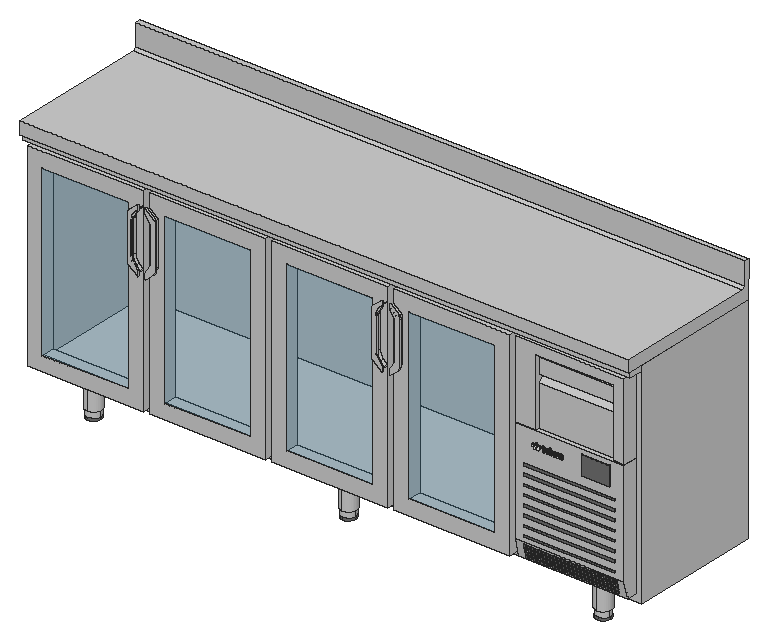
Revit family "QF_INFRICO_FMPP2500CR_250812010115", category Specialty Equipment, Revit 2021
Family settings
  Round Connector Dimension = Use Diameter
  Part Type = Normal
  OmniClass Number = 23.40.40.14
  OmniClass Title = Food Service Equipment
  Work Plane-Based = No
  Always vertical = Yes
  Cut with Voids When Loaded = No
  Shared = No
  Room Calculation Point = No
Parameters (values of type "FMPP2500CR-R290")
  Weight [instance] = 220.999 kg
  Waste Water Discharge Temperature [instance] = 0 °C
  Waste Remarks [instance] = ""
  Warranty Start Date [instance] = ""
  Warranty Duration [instance] = ""
  Volts [instance] = 230 V
  Volt Free Conn [instance] = no
  URL Recommended Spares List [instance] = ""
  URL Manufacturer [instance] = ""
  URL Cutsheet [instance] = ""
  URL Critical Spares List [instance] = ""
  URL = "www.infrico.com"
  Technical Documentation [instance] = ""
  Tag Number [instance] = ""
  Status [instance] = ""
  Start Up Current [instance] = 0 A
  Specification by User [instance] = ""
  Specification by Manufacturer [instance] = ""
  Sound Level [instance] = ""
  Show Logo [instance] = yes
  Show Clearances [instance] = yes
  Service Life Duration [instance] = ""
  Serial Number [instance] = ""
  Seismic Rating [instance] = ""
  SMACNA No [instance] = ""
  Revision Code [instance] = ""
  Revision [instance] = ""
  Production Year [instance] = ""
  Potential Equalisation [instance] = no
  Point Load [instance] = 0
  Plumbing Connection Type [instance] = ""
  Phase [instance] = 1
  Other Equipment Approvals [instance] = ""
  Operational Current [instance] = 0 A
  Number of Poles [instance] = 2
  No Load Power Draw [instance] = no
  NAFEM Spec ID Number [instance] = ""
  Model Warning [instance] = ""
  Model = "FMPP2500CR"
  Min Ckt Ampacity [instance] = 0 A
  Max Overcurrent Protection [instance] = 0 A
  Masterspec [instance] = ""
  Manufacturer = "INFRICO"
  Main switch integrated [instance] = no
  Length Actual [instance] = 2452.116 mm
  Item Number [instance] = ""
  Installed By [instance] = ""
  Installation Date [instance] = ""
  Indirect Waste Size [instance] = 19.05 mm
  Indirect Waste Remarks [instance] = ""
  Indirect Waste Flow [instance] = 0.0 L/s
  Indirect Waste Connection Type [instance] = ""
  Indirect Waste Connection Height [instance] = 0 mm
  Identify Quantity as Lot [instance] = no
  ID [instance] = ""
  Hygiene Approval [instance] = ""
  Height Actual [instance] = 1050.036 mm
  HP power [instance] = ""
  Furnished By [instance] = ""
  Foodservice Equipment Identifier [instance] = no
  FL Amps [instance] = 0 A
  Electrical Remarks [instance] = ""
  Electric power [instance] = 450 W
  Electric Connection Type [instance] = ""
  Elec Conn RI Height [instance] = 0 mm
  Elec Conn Connection Height [instance] = 0 mm
  ETL Approved [instance] = no
  Direct Waste Water Discharge Temperature [instance] = -273.15 °C
  Direct Waste Size [instance] = 19.05 mm
  Direct Waste RI Height [instance] = 0 mm
  Direct Waste Flow [instance] = 0.0 L/s
  Direct Waste Connection Height [instance] = 0 mm
  Description = "BACK BAR COUNTER REFRIGERATOR - R290"
  Depth Actual [instance] = 599.948 mm
  Default Elevation = 0 mm
  Cycle [instance] = 50 Hz
  Cost = 0
  Connection to energy optimisation system [instance] = yes
  Conn Plug [instance] = ""
  Conn Conduit [instance] = no
  Centralized building control system with digital interface [instance] = ""
  CSI MasterFormat [instance] = ""
  CE Approved [instance] = no
  Barcode [instance] = 0
  Author [instance] = ""
  Asset Identifier [instance] = ""
  Apparent Power [instance] = 450 VA
  Accessory [instance] = no
Reference planes
  plane 1 "Center (Front/Back)": y = 0
  plane 2: z = 0
  plane 3 "Center (Left/Right)": x = 0
Forms (mm)
  Extrusion 1, solid, not visible
    sketch origin (1034.05, -113.006, 142.007) x (1, 0, 0) y (0, 1, 0)
      loop
        line (-2, 2) -> (-2, -2) -> (2, -2) -> (2, 2) -> (-2, 2)
    from -2 to 2
  Extrusion 2, solid, not visible
    sketch origin (2391.117, -61.003, 142.007) x (1, 0, 0) y (0, 1, 0)
      loop
        line (-2, 2) -> (-2, -2) -> (2, -2) -> (2, 2) -> (-2, 2)
    from -2 to 2
Dimensions and locks
  locked: nested 2 to Extrusion 1 at 2  (x2)
  locked: nested 3 to Extrusion 2 at 2  (x2)
  aligned and locked: level to plane 2
Nested families
  nested 1: "QF_INFRICO_FMPP2500CR_2920" at (0, 0, 140), type "FMPP2500CR-R290"
    with Weight 220.999 kg, Warranty Start Date "", Warranty Duration "", URL Cutsheet "", Technical Documentation "", Tag Number "", Status "", Specification by User "", Specification by Manufacturer "", Sound Level "", Solid Fuel Type "", Show Logo yes, Show Clearances yes, Show Clearance yes, Service Life Duration "", Serial Number "", Seismic Rating "", SMACNA No "", Revision Code "", Revision "", Production Year "", Point Load 0, Other Equipment Approvals "", NAFEM Spec ID Number "", Model Warning "", Masterspec "", Length Actual 2452.116 mm, Item Number "", Installed By "", Installation Date "", Identify Quantity as Lot yes, ID "", Hygiene Approval "", Height Actual 1050.036 mm, Furnished By "", Foodservice Equipment Identifier yes, ETL Approved yes, Depth Actual 599.948 mm, CSI MasterFormat "", CE Approved no, Barcode "", Author "", Asset Identifier "", Accessory no
  nested 2: "CONN_POINT_DRAIN_2D___Generic_Annotation" at (1034.05, -113.006, 140.007), type "CONN_POINT_DRAIN_2D___Generic_Annotation"
    with Onboard connection annotation symbol visibility yes
  nested 3: "CONN_POINT_ELE_2D___Generic_Annotation" at (2391.117, -61.003, 140.007), type "CONN_POINT_ELE_2D___Generic_Annotation"
    with Onboard connection annotation symbol visibility yes
  nested 4: "QF_INFRICO_FMPPCR_DOOR_SX_4887" at (22, -538, 168), type "FMPPCR_DOOR_SX"
    with Weight 0.00 kg, Warranty Start Date "", Warranty Duration "", URL Cutsheet "", Technical Documentation "", Tag Number "", Status "", Specification by User "", Specification by Manufacturer "", Sound Level "", Solid Fuel Type "", Show Logo yes, Show Clearances yes, Show Clearance yes, Service Life Duration "", Serial Number "", Seismic Rating "", SMACNA No "", Revision Code "", Revision "", Production Year "", Point Load 0, Other Equipment Approvals "", NAFEM Spec ID Number "", Model Warning "", Masterspec "", Length Actual 467.106 mm, Item Number "", Installed By "", Installation Date "", Identify Quantity as Lot yes, ID "", Hygiene Approval "", Height Actual 596.9 mm, Furnished By "", Foodservice Equipment Identifier yes, ETL Approved yes, Depth Actual 54.102 mm, CSI MasterFormat "", CE Approved no, Barcode "", Author "", Asset Identifier "", Accessory yes
  nested 5: "QF_INFRICO_FMPPCR_DOOR_DX_5699" at (1498, -538, 168), type "FMPPCR_DOOR_DX"
    with Weight 0.00 kg, Warranty Start Date "", Warranty Duration "", URL Cutsheet "", Technical Documentation "", Tag Number "", Status "", Specification by User "", Specification by Manufacturer "", Sound Level "", Solid Fuel Type "", Show Logo yes, Show Clearances yes, Show Clearance yes, Service Life Duration "", Serial Number "", Seismic Rating "", SMACNA No "", Revision Code "", Revision "", Production Year "", Point Load 0, Other Equipment Approvals "", NAFEM Spec ID Number "", Model Warning "", Masterspec "", Length Actual 467.106 mm, Item Number "", Installed By "", Installation Date "", Identify Quantity as Lot yes, ID "", Hygiene Approval "", Height Actual 596.9 mm, Furnished By "", Foodservice Equipment Identifier yes, ETL Approved yes, Depth Actual 54.102 mm, CSI MasterFormat "", CE Approved no, Barcode "", Author "", Asset Identifier "", Accessory yes
  nested 6: "QF_INFRICO_FMPPCR_DOOR_DX_6507" at (514, -538, 168), type "FMPPCR_DOOR_DX"
    with Weight 0.00 kg, Warranty Start Date "", Warranty Duration "", URL Cutsheet "", Technical Documentation "", Tag Number "", Status "", Specification by User "", Specification by Manufacturer "", Sound Level "", Solid Fuel Type "", Show Logo yes, Show Clearances yes, Show Clearance yes, Service Life Duration "", Serial Number "", Seismic Rating "", SMACNA No "", Revision Code "", Revision "", Production Year "", Point Load 0, Other Equipment Approvals "", NAFEM Spec ID Number "", Model Warning "", Masterspec "", Length Actual 467.106 mm, Item Number "", Installed By "", Installation Date "", Identify Quantity as Lot yes, ID "", Hygiene Approval "", Height Actual 596.9 mm, Furnished By "", Foodservice Equipment Identifier yes, ETL Approved yes, Depth Actual 54.102 mm, CSI MasterFormat "", CE Approved no, Barcode "", Author "", Asset Identifier "", Accessory yes
  nested 7: "QF_INFRICO_FMPPCR_DOOR_SX_7315" at (1006, -538, 168), type "FMPPCR_DOOR_SX"
    with Weight 0.00 kg, Warranty Start Date "", Warranty Duration "", URL Cutsheet "", Technical Documentation "", Tag Number "", Status "", Specification by User "", Specification by Manufacturer "", Sound Level "", Solid Fuel Type "", Show Logo yes, Show Clearances yes, Show Clearance yes, Service Life Duration "", Serial Number "", Seismic Rating "", SMACNA No "", Revision Code "", Revision "", Production Year "", Point Load 0, Other Equipment Approvals "", NAFEM Spec ID Number "", Model Warning "", Masterspec "", Length Actual 467.106 mm, Item Number "", Installed By "", Installation Date "", Identify Quantity as Lot yes, ID "", Hygiene Approval "", Height Actual 596.9 mm, Furnished By "", Foodservice Equipment Identifier yes, ETL Approved yes, Depth Actual 54.102 mm, CSI MasterFormat "", CE Approved no, Barcode "", Author "", Asset Identifier "", Accessory yes
  nested 8: "QF_INFRICO_WORKTOP_BACKSPLASH_8123" at (0, 0, 1000), type "ENC12CPBM25"
    with Weight 0.00 kg, Warranty Start Date "", Warranty Duration "", URL Cutsheet "", Technical Documentation "", Tag Number "", Status "", Specification by User "", Specification by Manufacturer "", Sound Level "", Solid Fuel Type "", Show Logo yes, Show Clearances yes, Show Clearance yes, Service Life Duration "", Serial Number "", Seismic Rating "", SMACNA No "", Revision Code "", Revision "", Production Year "", Point Load 0, Other Equipment Approvals "", NAFEM Spec ID Number "", Model Warning "", Masterspec "", Length Actual 2452.116 mm, Item Number "", Installed By "", Installation Date "", Identify Quantity as Lot yes, ID "", Hygiene Approval "", Height Actual 150.114 mm, Furnished By "", Foodservice Equipment Identifier yes, ETL Approved yes, Depth Actual 599.948 mm, CSI MasterFormat "", CE Approved no, Barcode "", Author "", Asset Identifier "", Accessory yes
  nested 9: "QF_INFRICO_LEGS_8959" at (0, 0, 0), type "LEGS_2450_600"
    with Weight 0.00 kg, Warranty Start Date "", Warranty Duration "", URL Cutsheet "", Technical Documentation "", Tag Number "", Status "", Specification by User "", Specification by Manufacturer "", Sound Level "", Solid Fuel Type "", Show Logo yes, Show Clearances yes, Show Clearance yes, Service Life Duration "", Serial Number "", Seismic Rating "", SMACNA No "", Revision Code "", Revision "", Production Year "", Point Load 0, Other Equipment Approvals "", NAFEM Spec ID Number "", Model Warning "", Masterspec "", Length Actual 2452.116 mm, Item Number "", Installed By "", Installation Date "", Identify Quantity as Lot yes, ID "", Hygiene Approval "", Height Actual 139.954 mm, Furnished By "", Foodservice Equipment Identifier yes, ETL Approved yes, Depth Actual 599.948 mm, CSI MasterFormat "", CE Approved no, Barcode "", Author "", Asset Identifier "", Accessory yes
Connectors
  piping at (1034.05, -113.006, 140.007), diameter 19.05, driven by "Indirect Waste Size", driven by "Direct Waste Flow"
    settings: on Extrusion 1, index 1, connector inside diameter 609.6 mm, connector length 0 mm, flow factor 0, pipe flow 0.0 L/s, pressure drop 0.0 Pa, fitting loss kfactor 0, connector angle 0.00°, fixture units 0, engagement length 0 mm, angle of deflection 0.00°, flow configuration 1, flow direction 2, fitting loss method 0, system type 16, joint type 0, gender type 0, connector reference index -1, connector utility 0, adjustable connector no, is connector primary yes, connector description "Waste connection for FMPP2500CR"
  electrical at (2391.117, -61.003, 140.007), driven by "Apparent Power", driven by "Number of Poles", driven by "Volts"
    settings: on Extrusion 2, index 2, voltage 230 V, apparent load 0 VA, apparent load phase1 450 VA, apparent load phase2 0 VA, apparent load phase3 0 VA, power factor 1, load classification "Other", number of poles 2, system type 31, power factor state 1, is connector primary yes, connector utility no, sub classification motor no, connector description "Electrical connection for FMPP2500CR"
Definition of nested family "QF_INFRICO_FMPP2500CR_2920"
  Parameters (values of type "FMPP2500CR-R290")
    Weight [instance] = 0.00 kg
    Warranty Start Date [instance] = ""
    Warranty Duration [instance] = ""
    URL Cutsheet [instance] = ""
    URL = "www.infrico.com"
    Technical Documentation [instance] = ""
    Tag Number [instance] = ""
    Status [instance] = ""
    Specification by User [instance] = ""
    Specification by Manufacturer [instance] = ""
    Sound Level [instance] = ""
    Solid Fuel Type [instance] = ""
    Show Logo [instance] = yes
    Show Clearances [instance] = yes
    Show Clearance [instance] = yes
    Service Life Duration [instance] = ""
    Serial Number [instance] = ""
    Seismic Rating [instance] = ""
    SMACNA No [instance] = ""
    Revision Code [instance] = ""
    Revision [instance] = ""
    Production Year [instance] = ""
    Point Load [instance] = 0
    Other Equipment Approvals [instance] = ""
    NAFEM Spec ID Number [instance] = ""
    Model Warning [instance] = ""
    Model = "FMPP2500CR"
    Masterspec [instance] = ""
    Manufacturer = "INFRICO"
    Length Actual [instance] = 0 mm
    Item Number [instance] = ""
    Installed By [instance] = ""
    Installation Date [instance] = ""
    Identify Quantity as Lot [instance] = yes
    ID [instance] = ""
    Hygiene Approval [instance] = ""
    Height Actual [instance] = 0 mm
    Furnished By [instance] = ""
    Foodservice Equipment Identifier [instance] = yes
    ETL Approved [instance] = yes
    Description = "BACK BAR COUNTER REFRIGERATOR - R290"
    Depth Actual [instance] = 0 mm
    Default Elevation = 0 mm
    CSI MasterFormat [instance] = ""
    CE Approved [instance] = yes
    Barcode [instance] = ""
    Author [instance] = ""
    Asset Identifier [instance] = ""
    Assembly Code = "E1090320"
    Accessory [instance] = yes
  Types (2, lengths in mm): name | Description
    FMPP2500CR | "BACK BAR COUNTER REFRIGERATOR - R134A"
    FMPP2500CR-R290 | "BACK BAR COUNTER REFRIGERATOR - R290"
  Reference planes
    plane 1 "Back": y = 0
    plane 2: z = 0
    plane 3 "Left": x = 0
    plane 4 "Right": x = 2452
    plane 5 "Front": y = -600
    plane 6 "Top": z = 860
  Forms (mm)
    Extrusion 1, solid
      sketch origin (984, 100, -140) x (0, 1, 0) y (0, 0, 1)
        loop
          line (-638.02, 654.885) -> (-695.03, 654.885) -> (-695.03, 238.436) -> (-678.769, 168) -> (-638.02, 168) -> (-638.02, 654.885)
      from 1005.93 to 1443.93
    Extrusion 2, solid
      sketch origin (-1016, -593.13, -140) x (1, 0, 0) y (0, 0, 1)
        loop
          line (3408.016, 523.949) -> (3040.73, 523.949) -> (3040.73, 514.949) -> (3408.016, 514.949) -> (3408.016, 523.949)
        loop
          line (3408.016, 486.949) -> (3040.73, 486.949) -> (3040.73, 477.949) -> (3408.016, 477.949) -> (3408.016, 486.949)
        loop
          line (3408.016, 449.949) -> (3040.73, 449.949) -> (3040.73, 440.949) -> (3408.016, 440.949) -> (3408.016, 449.949)
        loop
          line (3408.016, 412.949) -> (3040.73, 412.949) -> (3040.73, 403.949) -> (3408.016, 403.949) -> (3408.016, 412.949)
        loop
          line (3408.016, 375.949) -> (3040.73, 375.949) -> (3040.73, 366.949) -> (3408.016, 366.949) -> (3408.016, 375.949)
        loop
          line (3408.016, 338.949) -> (3040.73, 338.949) -> (3040.73, 329.949) -> (3408.016, 329.949) -> (3408.016, 338.949)
        loop
          line (3408.016, 301.949) -> (3040.73, 301.949) -> (3040.73, 292.949) -> (3408.016, 292.949) -> (3408.016, 301.949)
        loop
          line (3408.016, 264.949) -> (3040.73, 264.949) -> (3040.73, 255.949) -> (3408.016, 255.949) -> (3408.016, 264.949)
      from 0 to 2
    Extrusion 3, solid
      sketch origin (-1015.3, -539.263, -135.602) x (1, 0, 0) y (0, -0.224951, 0.97437)
        loop
          line (3036.73, 215.974) -> (3036.73, 205.974) -> (3046.73, 205.974) -> (3046.73, 215.974) -> (3036.73, 215.974)
        loop
          line (3036.73, 230.769) -> (3036.73, 220.769) -> (3046.73, 220.769) -> (3046.73, 230.769) -> (3036.73, 230.769)
        loop
          line (3036.73, 186.385) -> (3036.73, 176.385) -> (3046.73, 176.385) -> (3046.73, 186.385) -> (3036.73, 186.385)
        loop
          line (3036.73, 201.179) -> (3036.73, 191.179) -> (3046.73, 191.179) -> (3046.73, 201.179) -> (3036.73, 201.179)
        loop
          line (3051.938, 215.974) -> (3051.938, 205.974) -> (3061.938, 205.974) -> (3061.938, 215.974) -> (3051.938, 215.974)
        loop
          line (3051.938, 230.769) -> (3051.938, 220.769) -> (3061.938, 220.769) -> (3061.938, 230.769) -> (3051.938, 230.769)
        loop
          line (3051.938, 186.385) -> (3051.938, 176.385) -> (3061.938, 176.385) -> (3061.938, 186.385) -> (3051.938, 186.385)
        loop
          line (3051.938, 201.179) -> (3051.938, 191.179) -> (3061.938, 191.179) -> (3061.938, 201.179) -> (3051.938, 201.179)
        loop
          line (3067.147, 215.974) -> (3067.147, 205.974) -> (3077.147, 205.974) -> (3077.147, 215.974) -> (3067.147, 215.974)
        loop
          line (3067.147, 230.769) -> (3067.147, 220.769) -> (3077.147, 220.769) -> (3077.147, 230.769) -> (3067.147, 230.769)
        loop
          line (3067.147, 186.385) -> (3067.147, 176.385) -> (3077.147, 176.385) -> (3077.147, 186.385) -> (3067.147, 186.385)
        loop
          line (3067.147, 201.179) -> (3067.147, 191.179) -> (3077.147, 191.179) -> (3077.147, 201.179) -> (3067.147, 201.179)
        loop
          line (3082.355, 215.974) -> (3082.355, 205.974) -> (3092.355, 205.974) -> (3092.355, 215.974) -> (3082.355, 215.974)
        loop
          line (3082.355, 230.769) -> (3082.355, 220.769) -> (3092.355, 220.769) -> (3092.355, 230.769) -> (3082.355, 230.769)
        loop
          line (3082.355, 186.385) -> (3082.355, 176.385) -> (3092.355, 176.385) -> (3092.355, 186.385) -> (3082.355, 186.385)
        loop
          line (3082.355, 201.179) -> (3082.355, 191.179) -> (3092.355, 191.179) -> (3092.355, 201.179) -> (3082.355, 201.179)
        loop
          line (3097.563, 215.974) -> (3097.563, 205.974) -> (3107.563, 205.974) -> (3107.563, 215.974) -> (3097.563, 215.974)
        loop
          line (3097.563, 230.769) -> (3097.563, 220.769) -> (3107.563, 220.769) -> (3107.563, 230.769) -> (3097.563, 230.769)
        loop
          line (3097.563, 186.385) -> (3097.563, 176.385) -> (3107.563, 176.385) -> (3107.563, 186.385) -> (3097.563, 186.385)
        loop
          line (3097.563, 201.179) -> (3097.563, 191.179) -> (3107.563, 191.179) -> (3107.563, 201.179) -> (3097.563, 201.179)
        loop
          line (3112.772, 215.974) -> (3112.772, 205.974) -> (3122.772, 205.974) -> (3122.772, 215.974) -> (3112.772, 215.974)
        loop
          line (3112.772, 230.769) -> (3112.772, 220.769) -> (3122.772, 220.769) -> (3122.772, 230.769) -> (3112.772, 230.769)
        loop
          line (3112.772, 186.385) -> (3112.772, 176.385) -> (3122.772, 176.385) -> (3122.772, 186.385) -> (3112.772, 186.385)
        loop
          line (3112.772, 201.179) -> (3112.772, 191.179) -> (3122.772, 191.179) -> (3122.772, 201.179) -> (3112.772, 201.179)
        loop
          line (3127.98, 215.974) -> (3127.98, 205.974) -> (3137.98, 205.974) -> (3137.98, 215.974) -> (3127.98, 215.974)
        loop
          line (3127.98, 230.769) -> (3127.98, 220.769) -> (3137.98, 220.769) -> (3137.98, 230.769) -> (3127.98, 230.769)
        loop
          line (3127.98, 186.385) -> (3127.98, 176.385) -> (3137.98, 176.385) -> (3137.98, 186.385) -> (3127.98, 186.385)
        loop
          line (3127.98, 201.179) -> (3127.98, 191.179) -> (3137.98, 191.179) -> (3137.98, 201.179) -> (3127.98, 201.179)
        loop
          line (3143.188, 215.974) -> (3143.188, 205.974) -> (3153.188, 205.974) -> (3153.188, 215.974) -> (3143.188, 215.974)
        loop
          line (3143.188, 230.769) -> (3143.188, 220.769) -> (3153.188, 220.769) -> (3153.188, 230.769) -> (3143.188, 230.769)
        loop
          line (3143.188, 186.385) -> (3143.188, 176.385) -> (3153.188, 176.385) -> (3153.188, 186.385) -> (3143.188, 186.385)
        loop
          line (3143.188, 201.179) -> (3143.188, 191.179) -> (3153.188, 191.179) -> (3153.188, 201.179) -> (3143.188, 201.179)
        loop
          line (3158.397, 215.974) -> (3158.397, 205.974) -> (3168.397, 205.974) -> (3168.397, 215.974) -> (3158.397, 215.974)
        loop
          line (3158.397, 230.769) -> (3158.397, 220.769) -> (3168.397, 220.769) -> (3168.397, 230.769) -> (3158.397, 230.769)
        loop
          line (3158.397, 186.385) -> (3158.397, 176.385) -> (3168.397, 176.385) -> (3168.397, 186.385) -> (3158.397, 186.385)
        loop
          line (3158.397, 201.179) -> (3158.397, 191.179) -> (3168.397, 191.179) -> (3168.397, 201.179) -> (3158.397, 201.179)
        loop
          line (3173.605, 215.974) -> (3173.605, 205.974) -> (3183.605, 205.974) -> (3183.605, 215.974) -> (3173.605, 215.974)
        loop
          line (3173.605, 230.769) -> (3173.605, 220.769) -> (3183.605, 220.769) -> (3183.605, 230.769) -> (3173.605, 230.769)
        loop
          line (3173.605, 186.385) -> (3173.605, 176.385) -> (3183.605, 176.385) -> (3183.605, 186.385) -> (3173.605, 186.385)
        loop
          line (3173.605, 201.179) -> (3173.605, 191.179) -> (3183.605, 191.179) -> (3183.605, 201.179) -> (3173.605, 201.179)
        loop
          line (3188.813, 215.974) -> (3188.813, 205.974) -> (3198.813, 205.974) -> (3198.813, 215.974) -> (3188.813, 215.974)
        loop
          line (3188.813, 230.769) -> (3188.813, 220.769) -> (3198.813, 220.769) -> (3198.813, 230.769) -> (3188.813, 230.769)
        loop
          line (3188.813, 186.385) -> (3188.813, 176.385) -> (3198.813, 176.385) -> (3198.813, 186.385) -> (3188.813, 186.385)
        loop
          line (3188.813, 201.179) -> (3188.813, 191.179) -> (3198.813, 191.179) -> (3198.813, 201.179) -> (3188.813, 201.179)
        loop
          line (3204.022, 215.974) -> (3204.022, 205.974) -> (3214.022, 205.974) -> (3214.022, 215.974) -> (3204.022, 215.974)
        loop
          line (3204.022, 230.769) -> (3204.022, 220.769) -> (3214.022, 220.769) -> (3214.022, 230.769) -> (3204.022, 230.769)
        loop
          line (3204.022, 186.385) -> (3204.022, 176.385) -> (3214.022, 176.385) -> (3214.022, 186.385) -> (3204.022, 186.385)
        loop
          line (3204.022, 201.179) -> (3204.022, 191.179) -> (3214.022, 191.179) -> (3214.022, 201.179) -> (3204.022, 201.179)
        loop
          line (3219.23, 215.974) -> (3219.23, 205.974) -> (3229.23, 205.974) -> (3229.23, 215.974) -> (3219.23, 215.974)
        loop
          line (3219.23, 230.769) -> (3219.23, 220.769) -> (3229.23, 220.769) -> (3229.23, 230.769) -> (3219.23, 230.769)
        loop
          line (3219.23, 186.385) -> (3219.23, 176.385) -> (3229.23, 176.385) -> (3229.23, 186.385) -> (3219.23, 186.385)
        loop
          line (3219.23, 201.179) -> (3219.23, 191.179) -> (3229.23, 191.179) -> (3229.23, 201.179) -> (3219.23, 201.179)
        loop
          line (3234.438, 215.974) -> (3234.438, 205.974) -> (3244.438, 205.974) -> (3244.438, 215.974) -> (3234.438, 215.974)
        loop
          line (3234.438, 230.769) -> (3234.438, 220.769) -> (3244.438, 220.769) -> (3244.438, 230.769) -> (3234.438, 230.769)
        loop
          line (3234.438, 186.385) -> (3234.438, 176.385) -> (3244.438, 176.385) -> (3244.438, 186.385) -> (3234.438, 186.385)
        loop
          line (3234.438, 201.179) -> (3234.438, 191.179) -> (3244.438, 191.179) -> (3244.438, 201.179) -> (3234.438, 201.179)
        loop
          line (3249.647, 215.974) -> (3249.647, 205.974) -> (3259.647, 205.974) -> (3259.647, 215.974) -> (3249.647, 215.974)
        loop
          line (3249.647, 230.769) -> (3249.647, 220.769) -> (3259.647, 220.769) -> (3259.647, 230.769) -> (3249.647, 230.769)
        loop
          line (3249.647, 186.385) -> (3249.647, 176.385) -> (3259.647, 176.385) -> (3259.647, 186.385) -> (3249.647, 186.385)
        loop
          line (3249.647, 201.179) -> (3249.647, 191.179) -> (3259.647, 191.179) -> (3259.647, 201.179) -> (3249.647, 201.179)
        loop
          line (3264.855, 215.974) -> (3264.855, 205.974) -> (3274.855, 205.974) -> (3274.855, 215.974) -> (3264.855, 215.974)
        loop
          line (3264.855, 230.769) -> (3264.855, 220.769) -> (3274.855, 220.769) -> (3274.855, 230.769) -> (3264.855, 230.769)
        loop
          line (3264.855, 186.385) -> (3264.855, 176.385) -> (3274.855, 176.385) -> (3274.855, 186.385) -> (3264.855, 186.385)
        loop
          line (3264.855, 201.179) -> (3264.855, 191.179) -> (3274.855, 191.179) -> (3274.855, 201.179) -> (3264.855, 201.179)
        loop
          line (3280.063, 215.974) -> (3280.063, 205.974) -> (3290.063, 205.974) -> (3290.063, 215.974) -> (3280.063, 215.974)
        loop
          line (3280.063, 230.769) -> (3280.063, 220.769) -> (3290.063, 220.769) -> (3290.063, 230.769) -> (3280.063, 230.769)
        loop
          line (3280.063, 186.385) -> (3280.063, 176.385) -> (3290.063, 176.385) -> (3290.063, 186.385) -> (3280.063, 186.385)
        loop
          line (3280.063, 201.179) -> (3280.063, 191.179) -> (3290.063, 191.179) -> (3290.063, 201.179) -> (3280.063, 201.179)
        loop
          line (3295.272, 215.974) -> (3295.272, 205.974) -> (3305.272, 205.974) -> (3305.272, 215.974) -> (3295.272, 215.974)
        loop
          line (3295.272, 230.769) -> (3295.272, 220.769) -> (3305.272, 220.769) -> (3305.272, 230.769) -> (3295.272, 230.769)
        loop
          line (3295.272, 186.385) -> (3295.272, 176.385) -> (3305.272, 176.385) -> (3305.272, 186.385) -> (3295.272, 186.385)
        loop
          line (3295.272, 201.179) -> (3295.272, 191.179) -> (3305.272, 191.179) -> (3305.272, 201.179) -> (3295.272, 201.179)
        loop
          line (3310.48, 215.974) -> (3310.48, 205.974) -> (3320.48, 205.974) -> (3320.48, 215.974) -> (3310.48, 215.974)
        loop
          line (3310.48, 230.769) -> (3310.48, 220.769) -> (3320.48, 220.769) -> (3320.48, 230.769) -> (3310.48, 230.769)
        loop
          line (3310.48, 186.385) -> (3310.48, 176.385) -> (3320.48, 176.385) -> (3320.48, 186.385) -> (3310.48, 186.385)
        loop
          line (3310.48, 201.179) -> (3310.48, 191.179) -> (3320.48, 191.179) -> (3320.48, 201.179) -> (3310.48, 201.179)
        loop
          line (3325.688, 215.974) -> (3325.688, 205.974) -> (3335.688, 205.974) -> (3335.688, 215.974) -> (3325.688, 215.974)
        loop
          line (3325.688, 230.769) -> (3325.688, 220.769) -> (3335.688, 220.769) -> (3335.688, 230.769) -> (3325.688, 230.769)
        loop
          line (3325.688, 186.385) -> (3325.688, 176.385) -> (3335.688, 176.385) -> (3335.688, 186.385) -> (3325.688, 186.385)
        loop
          line (3325.688, 201.179) -> (3325.688, 191.179) -> (3335.688, 191.179) -> (3335.688, 201.179) -> (3325.688, 201.179)
        loop
          line (3340.897, 215.974) -> (3340.897, 205.974) -> (3350.897, 205.974) -> (3350.897, 215.974) -> (3340.897, 215.974)
        loop
          line (3340.897, 230.769) -> (3340.897, 220.769) -> (3350.897, 220.769) -> (3350.897, 230.769) -> (3340.897, 230.769)
        loop
          line (3340.897, 186.385) -> (3340.897, 176.385) -> (3350.897, 176.385) -> (3350.897, 186.385) -> (3340.897, 186.385)
        loop
          line (3340.897, 201.179) -> (3340.897, 191.179) -> (3350.897, 191.179) -> (3350.897, 201.179) -> (3340.897, 201.179)
        loop
          line (3356.105, 215.974) -> (3356.105, 205.974) -> (3366.105, 205.974) -> (3366.105, 215.974) -> (3356.105, 215.974)
        loop
          line (3356.105, 230.769) -> (3356.105, 220.769) -> (3366.105, 220.769) -> (3366.105, 230.769) -> (3356.105, 230.769)
        loop
          line (3356.105, 186.385) -> (3356.105, 176.385) -> (3366.105, 176.385) -> (3366.105, 186.385) -> (3356.105, 186.385)
        loop
          line (3356.105, 201.179) -> (3356.105, 191.179) -> (3366.105, 191.179) -> (3366.105, 201.179) -> (3356.105, 201.179)
        loop
          line (3371.313, 215.974) -> (3371.313, 205.974) -> (3381.313, 205.974) -> (3381.313, 215.974) -> (3371.313, 215.974)
        loop
          line (3371.313, 230.769) -> (3371.313, 220.769) -> (3381.313, 220.769) -> (3381.313, 230.769) -> (3371.313, 230.769)
        loop
          line (3371.313, 186.385) -> (3371.313, 176.385) -> (3381.313, 176.385) -> (3381.313, 186.385) -> (3371.313, 186.385)
        loop
          line (3371.313, 201.179) -> (3371.313, 191.179) -> (3381.313, 191.179) -> (3381.313, 201.179) -> (3371.313, 201.179)
        loop
          line (3386.522, 215.974) -> (3386.522, 205.974) -> (3396.522, 205.974) -> (3396.522, 215.974) -> (3386.522, 215.974)
        loop
          line (3386.522, 230.769) -> (3386.522, 220.769) -> (3396.522, 220.769) -> (3396.522, 230.769) -> (3386.522, 230.769)
        loop
          line (3386.522, 186.385) -> (3386.522, 176.385) -> (3396.522, 176.385) -> (3396.522, 186.385) -> (3386.522, 186.385)
        loop
          line (3386.522, 201.179) -> (3386.522, 191.179) -> (3396.522, 191.179) -> (3396.522, 201.179) -> (3386.522, 201.179)
        loop
          line (3401.73, 215.974) -> (3401.73, 205.974) -> (3411.73, 205.974) -> (3411.73, 215.974) -> (3401.73, 215.974)
        loop
          line (3401.73, 230.769) -> (3401.73, 220.769) -> (3411.73, 220.769) -> (3411.73, 230.769) -> (3401.73, 230.769)
        loop
          line (3401.73, 186.385) -> (3401.73, 176.385) -> (3411.73, 176.385) -> (3411.73, 186.385) -> (3401.73, 186.385)
        loop
          line (3401.73, 201.179) -> (3401.73, 191.179) -> (3411.73, 191.179) -> (3411.73, 201.179) -> (3401.73, 201.179)
      from 0 to 2
    Extrusion 4, solid, visible <- "Show Logo"
      sketch origin (894.665, -593.13, -246.187) x (1, 0, 0) y (0, 0, 1)
        loop
          line (1208.799, 696.53) -> (1208.799, 719.204) -> (1204.173, 719.204) -> (1204.173, 696.53) -> (1208.799, 696.53)
        loop
          line (1214.779, 713.006) -> (1211.283, 713.006) -> (1211.283, 696.53) -> (1215.772, 696.53) -> (1215.772, 707.832)
          arc (1215.772, 707.832) -> (1217.528, 708.741) -> (1219.417, 709.324) r 11.052
          arc (1219.417, 709.324) -> (1220.929, 708.961) -> (1221.598, 707.557) r 1.806
          line (1221.598, 707.557) -> (1221.598, 696.53) -> (1226.121, 696.53) -> (1226.121, 708.689)
          arc (1226.121, 708.689) -> (1224.637, 712.075) -> (1221.141, 713.281) r 4.607
          arc (1221.141, 713.281) -> (1218.282, 712.674) -> (1215.669, 711.361) r 11.435
          line (1215.669, 711.361) -> (1215.601, 712.184)
          arc (1215.601, 712.184) -> (1215.36, 712.765) -> (1214.779, 713.006) r 0.822
        loop
          line (1238.557, 720.102) -> (1237.306, 720.102)
          arc (1237.306, 720.102) -> (1235.052, 719.926) -> (1232.881, 719.297) r 11.103
          arc (1232.881, 719.297) -> (1230.805, 717.616) -> (1230.024, 715.062) r 4.567
          line (1230.024, 715.062) -> (1230.024, 712.909) -> (1227.351, 712.703) -> (1227.351, 709.374) -> (1230.024, 709.374) -> (1230.024, 696.53) -> (1234.547, 696.53) -> (1234.547, 709.374) -> (1238.249, 709.374) -> (1238.249, 712.938) -> (1234.547, 712.938) -> (1234.547, 714.548)
          arc (1234.547, 714.548) -> (1234.956, 715.705) -> (1236.045, 716.271) r 1.67
          line (1236.045, 716.271) -> (1237.7, 716.399)
          arc (1237.7, 716.399) -> (1238.306, 716.65) -> (1238.557, 717.255) r 0.857
          line (1238.557, 717.255) -> (1238.557, 720.102)
        loop
          line (1239.479, 713.006) -> (1239.479, 696.53) -> (1243.968, 696.53) -> (1243.968, 707.352)
          arc (1243.968, 707.352) -> (1245.873, 708.631) -> (1248.077, 709.268) r 7.435
          line (1248.077, 709.268) -> (1249.241, 709.416)
          arc (1249.241, 709.416) -> (1249.643, 709.758) -> (1249.793, 710.265) r 0.928
          line (1249.793, 710.265) -> (1249.793, 712.458)
          arc (1249.793, 712.458) -> (1249.531, 713.061) -> (1248.912, 713.28) r 0.824
          arc (1248.912, 713.28) -> (1246.197, 712.588) -> (1243.899, 710.984) r 7.833
          line (1243.899, 710.984) -> (1243.726, 713.006) -> (1239.479, 713.006)
        loop
          line (1255.495, 696.53) -> (1255.495, 713.006) -> (1251.006, 713.006) -> (1251.006, 696.53) -> (1255.495, 696.53)
        loop
          arc (1257.421, 701.327) -> (1258.567, 698.188) -> (1261.466, 696.525) r 4.873
          arc (1261.466, 696.525) -> (1264.493, 696.266) -> (1267.521, 696.525) r 17.816
          arc (1267.521, 696.525) -> (1270.575, 699.134) -> (1271.505, 703.041) r 6.481
          line (1271.505, 703.041) -> (1267.187, 703.041) -> (1267.187, 701.67)
          arc (1267.187, 701.67) -> (1266.64, 700.452) -> (1265.442, 699.865) r 1.965
          arc (1265.442, 699.865) -> (1264.547, 699.816) -> (1263.653, 699.865) r 8.196
          arc (1263.653, 699.865) -> (1262.417, 700.415) -> (1261.91, 701.67) r 1.806
          line (1261.91, 701.67) -> (1261.91, 707.9)
          arc (1261.91, 707.9) -> (1262.417, 709.155) -> (1263.653, 709.705) r 1.806
          arc (1263.653, 709.705) -> (1264.547, 709.754) -> (1265.442, 709.705) r 8.196
          arc (1265.442, 709.705) -> (1266.64, 709.118) -> (1267.187, 707.9) r 1.965
          line (1267.187, 707.9) -> (1267.187, 706.838) -> (1271.505, 706.838)
          arc (1271.505, 706.838) -> (1270.524, 710.556) -> (1267.521, 712.959) r 6.132
          arc (1267.521, 712.959) -> (1264.493, 713.294) -> (1261.466, 712.959) r 13.851
          arc (1261.466, 712.959) -> (1258.571, 711.349) -> (1257.421, 708.243) r 4.772
          line (1257.421, 708.243) -> (1257.421, 701.327)
        loop
          arc (1272.916, 701.329) -> (1273.993, 698.345) -> (1276.726, 696.734) r 4.676
          arc (1276.726, 696.734) -> (1278.515, 696.455) -> (1280.318, 696.291) r 28.371
          arc (1280.318, 696.291) -> (1282.122, 696.455) -> (1283.911, 696.734) r 28.371
          arc (1283.911, 696.734) -> (1286.644, 698.345) -> (1287.72, 701.329) r 4.676
          line (1287.72, 701.329) -> (1287.72, 708.242)
          arc (1287.72, 708.242) -> (1286.644, 711.226) -> (1283.911, 712.837) r 4.676
          arc (1283.911, 712.837) -> (1282.122, 713.116) -> (1280.318, 713.28) r 28.371
          arc (1280.318, 713.28) -> (1278.515, 713.116) -> (1276.726, 712.837) r 28.371
          arc (1276.726, 712.837) -> (1273.993, 711.226) -> (1272.916, 708.242) r 4.676
          line (1272.916, 708.242) -> (1272.916, 701.329)
        loop
          line (1277.405, 707.866) -> (1277.405, 701.705)
          arc (1277.405, 701.705) -> (1277.844, 700.556) -> (1278.936, 699.991) r 1.725
          arc (1278.936, 699.991) -> (1279.627, 699.918) -> (1280.318, 699.856) r 46.133
          arc (1280.318, 699.856) -> (1281.01, 699.918) -> (1281.701, 699.991) r 46.133
          arc (1281.701, 699.991) -> (1282.793, 700.556) -> (1283.231, 701.705) r 1.725
          line (1283.231, 701.705) -> (1283.231, 707.866)
          arc (1283.231, 707.866) -> (1282.793, 709.015) -> (1281.701, 709.58) r 1.725
          arc (1281.701, 709.58) -> (1281.01, 709.653) -> (1280.318, 709.716) r 46.133
          arc (1280.318, 709.716) -> (1279.627, 709.653) -> (1278.936, 709.58) r 46.133
          arc (1278.936, 709.58) -> (1277.844, 709.015) -> (1277.405, 707.866) r 1.725
        loop
          arc (1190.339, 696.543) -> (1191.411, 696.987) -> (1191.856, 698.059) r 1.516
          line (1191.856, 698.059) -> (1191.856, 703.891) -> (1196.035, 703.891)
          arc (1196.035, 703.891) -> (1196.79, 704.121) -> (1197.218, 704.782) r 1.147
          line (1197.218, 704.782) -> (1197.218, 706.211)
          arc (1197.218, 706.211) -> (1196.787, 707.258) -> (1195.719, 707.634) r 1.385
          line (1195.719, 707.634) -> (1194.52, 707.634) -> (1197.218, 710.332)
          arc (1197.218, 710.332) -> (1197.605, 711.266) -> (1197.218, 712.2) r 1.321
          line (1197.218, 712.2) -> (1196.495, 712.923)
          arc (1196.495, 712.923) -> (1195.54, 713.338) -> (1194.558, 712.991) r 1.422
          line (1194.558, 712.991) -> (1191.853, 710.286) -> (1191.853, 711.479)
          arc (1191.853, 711.479) -> (1191.443, 712.516) -> (1190.435, 712.992) r 1.516
          line (1190.435, 712.992) -> (1189.514, 712.992)
          arc (1189.514, 712.992) -> (1188.511, 712.514) -> (1188.103, 711.479) r 1.516
          line (1188.103, 711.479) -> (1188.103, 706.83) -> (1182.073, 701.336) -> (1182.073, 707.509) -> (1185.639, 711.075)
          arc (1185.639, 711.075) -> (1186.053, 712.073) -> (1185.639, 713.071) r 1.412
          line (1185.639, 713.071) -> (1184.987, 713.723)
          arc (1184.987, 713.723) -> (1183.939, 714.141) -> (1182.915, 713.667) r 1.428
          line (1182.915, 713.667) -> (1182.073, 712.825) -> (1182.073, 717.784)
          arc (1182.073, 717.784) -> (1181.658, 718.787) -> (1180.655, 719.203) r 1.418
          line (1180.655, 719.203) -> (1179.726, 719.203)
          arc (1179.726, 719.203) -> (1178.723, 718.787) -> (1178.308, 717.784) r 1.418
          line (1178.308, 717.784) -> (1178.308, 712.825) -> (1177.466, 713.667)
          arc (1177.466, 713.667) -> (1176.442, 714.141) -> (1175.394, 713.723) r 1.428
          line (1175.394, 713.723) -> (1174.742, 713.071)
          arc (1174.742, 713.071) -> (1174.328, 712.073) -> (1174.742, 711.075) r 1.412
          line (1174.742, 711.075) -> (1178.308, 707.509) -> (1178.308, 701.336) -> (1172.278, 706.83) -> (1172.278, 711.479)
          arc (1172.278, 711.479) -> (1171.87, 712.514) -> (1170.867, 712.992) r 1.516
          line (1170.867, 712.992) -> (1169.946, 712.992)
          arc (1169.946, 712.992) -> (1168.938, 712.516) -> (1168.528, 711.479) r 1.516
          line (1168.528, 711.479) -> (1168.528, 710.286) -> (1165.823, 712.991)
          arc (1165.823, 712.991) -> (1164.841, 713.338) -> (1163.886, 712.923) r 1.422
          line (1163.886, 712.923) -> (1163.163, 712.2)
          arc (1163.163, 712.2) -> (1162.776, 711.266) -> (1163.163, 710.332) r 1.321
          line (1163.163, 710.332) -> (1165.861, 707.634) -> (1164.662, 707.634)
          arc (1164.662, 707.634) -> (1163.594, 707.258) -> (1163.163, 706.211) r 1.385
          line (1163.163, 706.211) -> (1163.163, 704.782)
          arc (1163.163, 704.782) -> (1163.591, 704.121) -> (1164.346, 703.891) r 1.147
          line (1164.346, 703.891) -> (1168.525, 703.891) -> (1168.525, 698.059)
          arc (1168.525, 698.059) -> (1168.969, 696.987) -> (1170.042, 696.543) r 1.516
          line (1170.042, 696.543) -> (1190.339, 696.543)
      from 0 to 2
    Extrusion 5, solid
      sketch origin (1089.578, 100, -156.025) x (1, 0, 0) y (0, 0, 1)
        loop
          line (1169.616, 654.3) -> (1169.616, 577.9) -> (1281.216, 577.9) -> (1281.216, 654.3) -> (1169.616, 654.3)
      from 695.03 to 698.23
    Extrusion 6, solid
      sketch origin (1358.5, 58.5, 0) x (1, 0, 0) y (0, 1, 0)
        loop
          circle (1032.5, -119.5) r 12.7
      from -5 to 0
    Extrusion 7, solid
      sketch origin (0, 0, 0) x (1, 0, 0) y (0, 1, 0)
        loop
          circle (1034, -113) r 9.525
      from -5 to 0
    Extrusion 8, solid
      sketch origin (0, 0, 0) x (1, 0, 0) y (0, 1, 0)
        loop
          line (0, -538.02) -> (2452, -538.02) -> (2452, 0) -> (0, 0) -> (0, -538.02)
        loop
          line (60, -60) -> (60, -478.02) -> (2392, -478.02) -> (2392, -60) -> (60, -60)
      from 0 to 860
    Extrusion 9, solid
      sketch origin (0, 0, 0) x (1, 0, 0) y (0, 0, 1)
        loop
          line (60, 0) -> (2392, 0) -> (2392, 60) -> (60, 60) -> (60, 0)
      from 60 to 478.02
    Extrusion 10, void
      sketch origin (0, 0, 0) x (1, 0, 0) y (0, 0, 1)
        loop
          line (60, 800) -> (60, 60) -> (1904, 60) -> (1904, 800) -> (60, 800)
      from 60 to 538.02
    Extrusion 11, solid
      sketch origin (0, 100, 200) x (1, 0, 0) y (0, 1, 0)
        loop
          line (454, -638.02) -> (549, -638.02) -> (549, -628.02) -> (454, -628.02) -> (454, -638.02)
      from -140 to 600
    Extrusion 12, solid
      sketch origin (628.16, 0, 0) x (1, 0, 0) y (0, 0, 1)
        loop
          line (1361.77, 830.367) -> (1361.77, 520.347) -> (1443.93, 520.347) -> (1443.93, 790.767) -> (1756.37, 790.767) -> (1756.37, 520.347) -> (1799.77, 520.347) -> (1799.77, 830.367) -> (1361.77, 830.367)
      from 538.02 to 595.03
    Extrusion 13, solid
      sketch origin (492, -1000, 0) x (1, 0, 0) y (0, 0, 1)
        loop
          line (1956.98, 837.357) -> (1956.98, 860) -> (-489.04, 860) -> (-489.04, 837.357) -> (1956.98, 837.357)
      from -461.98 to -409.56
    Extrusion 14, solid
      sketch origin (1918.53, -528.23, 652.595) x (0, 1, 0) y (0, 0, 1)
        loop
          line (-9.79, -132.247) -> (-9.79, 128.747) -> (-20.79, 128.747) -> (-20.79, 121.434) -> (-39.216, 116.496) -> (-46.258, 128.693) -> (-54.021, 124.211) -> (-54.021, 64.021) -> (-40.08, 96.864) -> (-38.742, 97.46) -> (-28.844, 97.805) -> (-27.112, 96.899) -> (-23.93, 85.422) -> (-23.93, 62.47) -> (-54, 32.4) -> (-54, -132.247) -> (-9.79, -132.247)
      from 153.56 to 466
    Extrusion 15, solid
      sketch origin (492, 100, 200) x (1, 0, 0) y (0, 1, 0)
        loop
          line (454, -638.02) -> (549, -638.02) -> (549, -628.02) -> (454, -628.02) -> (454, -638.02)
      from -140 to 600
    Extrusion 16, solid
      sketch origin (984, 100, 200) x (1, 0, 0) y (0, 1, 0)
        loop
          line (454, -638.02) -> (549, -638.02) -> (549, -628.02) -> (454, -628.02) -> (454, -638.02)
      from -140 to 600
  Cuts and joins
    Extrusion 10 cuts Extrusion 8
    Extrusion 10 cuts Extrusion 9
    joined: Extrusion 8, Extrusion 9, Extrusion 13
  Lines and regions (mm)
    symbolic lines, visible <- "Show Clearance"
      curve 1: line (2452, 0, 0) -> (0, 0, 0)
      curve 2: line (0, 0, 0) -> (0, -600, 0)
      curve 3: line (0, -600, 0) -> (2452, -600, 0)
      curve 4: line (2452, -600, 0) -> (2452, 0, 0)
  Dimensions and locks
    plane 4 "Right" to plane 3 "Left" = 2452 mm
    plane 6 "Top" to level = 860 mm
    plane 1 "Back" to plane 5 "Front" = 600 mm  (x2)
    plane 3 "Left" to plane 4 "Right" = 2452 mm
    aligned and locked: level to plane 2
  Connectors
    electrical at (2391, -61, -5)
      settings: on Extrusion 6, index 1, voltage 0 V, apparent load 0 VA, apparent load phase1 0 VA, apparent load phase2 0 VA, apparent load phase3 0 VA, power factor 1, load classification none, number of poles 1, system type 31, power factor state 1, is connector primary yes, connector utility no, sub classification motor no, connector description "Electrical collection"
    piping at (1034, -113, -5), diameter 19.1
      settings: on Extrusion 7, index 2, connector inside diameter 609.6 mm, connector length 0 mm, flow factor 0, pipe flow 0.0 L/s, pressure drop 0.0 Pa, fitting loss kfactor 0, connector angle 0.00°, fixture units 0, engagement length 0 mm, angle of deflection 0.00°, flow configuration 1, flow direction 2, fitting loss method 0, system type 16, joint type 0, gender type 0, connector reference index -1, connector utility 0, adjustable connector no, is connector primary yes, connector description "Drain connection"
Definition of nested family "QF_INFRICO_FMPPCR_DOOR_SX_4887"
  Parameters (values of type "PUE17IIFM")
    Weight [instance] = 0.00 kg
    Warranty Start Date [instance] = ""
    Warranty Duration [instance] = ""
    URL Cutsheet [instance] = ""
    URL = "www.infrico.com"
    Technical Documentation [instance] = ""
    Tag Number [instance] = ""
    Status [instance] = ""
    Specification by User [instance] = ""
    Specification by Manufacturer [instance] = ""
    Sound Level [instance] = ""
    Solid Fuel Type [instance] = ""
    Show Logo [instance] = yes
    Show Clearances [instance] = yes
    Show Clearance [instance] = yes
    Service Life Duration [instance] = ""
    Serial Number [instance] = ""
    Seismic Rating [instance] = ""
    SMACNA No [instance] = ""
    Revision Code [instance] = ""
    Revision [instance] = ""
    Production Year [instance] = ""
    Point Load [instance] = 0
    Other Equipment Approvals [instance] = ""
    NAFEM Spec ID Number [instance] = ""
    Model Warning [instance] = ""
    Model = "PUE17IIFM"
    Masterspec [instance] = ""
    Manufacturer = "INFRICO"
    Length Actual [instance] = 0 mm
    Item Number [instance] = ""
    Installed By [instance] = ""
    Installation Date [instance] = ""
    Identify Quantity as Lot [instance] = yes
    ID [instance] = ""
    Hygiene Approval [instance] = ""
    Height Actual [instance] = 0 mm
    Furnished By [instance] = ""
    Foodservice Equipment Identifier [instance] = yes
    ETL Approved [instance] = yes
    Description = "GLASS DOORS UNIT - LEFT DOOR"
    Depth Actual [instance] = 0 mm
    Default Elevation = 0 mm
    CSI MasterFormat [instance] = ""
    CE Approved [instance] = yes
    Barcode [instance] = ""
    Author [instance] = ""
    Asset Identifier [instance] = ""
    Assembly Code = "E1090320"
    Accessory [instance] = yes
  Types (2, lengths in mm): name | Model | Description
    FMPPCR_DOOR_SX | "FMPPCR_DOOR_SX" | "LEFT DOOR"
    PUE17IIFM | "PUE17IIFM" | "GLASS DOORS UNIT - LEFT DOOR"
  Reference planes
    plane 1 "Back": y = 0
    plane 2: z = 0
    plane 3 "Left": x = 0
    plane 4 "Right": x = 467
    plane 5 "Front": y = -54
    plane 6 "Top": z = 797
  Forms (mm)
    Extrusion 1, solid
      sketch origin (981.03, 638.058, 31.708) x (-1, 0, 0) y (0, 0, -1)
        loop
          line (518.816, -723.04) -> (552.274, -694.965)
          arc (552.274, -694.965) -> (556.597, -689.332) -> (558.134, -682.399) r 16.404
          line (558.134, -682.399) -> (558.134, -507.408)
          arc (558.134, -507.408) -> (556.597, -500.476) -> (552.274, -494.842) r 16.404
          line (552.274, -494.842) -> (518.816, -466.767) -> (515.53, -466.767) -> (515.53, -486.767) -> (535.322, -518.029)
          arc (535.322, -518.029) -> (536.599, -520.779) -> (537.13, -523.765) r 11.743
          line (537.13, -523.765) -> (537.13, -666.043)
          arc (537.13, -666.043) -> (536.599, -669.028) -> (535.322, -671.778) r 11.743
          line (535.322, -671.778) -> (515.53, -703.04) -> (515.53, -723.04) -> (518.816, -723.04)
      from 713.68 to 715.78
    Extrusion 2, solid
      sketch origin (-21.902, 638.058, 31.708) x (1, 0, 0) y (0, 0, 1)
        loop
          arc (471.131, 498.425) -> (461.192, 513.299) -> (457.702, 530.845) r 45.85
          line (457.702, 530.845) -> (457.702, 659.546)
          arc (457.702, 659.546) -> (461.192, 677.092) -> (471.131, 691.967) r 45.85
          line (471.131, 691.967) -> (487.402, 708.237) -> (487.402, 711.202) -> (457.988, 686.521)
          arc (457.988, 686.521) -> (456.67, 684.804) -> (456.202, 682.691) r 5
          line (456.202, 682.691) -> (456.202, 507.7)
          arc (456.202, 507.7) -> (456.67, 505.587) -> (457.988, 503.87) r 5
          line (457.988, 503.87) -> (487.402, 479.189) -> (487.402, 482.154) -> (471.131, 498.425)
      from 692.058 to 713.68
    Extrusion 3, solid
      sketch origin (-21.902, 638.058, -168.292) x (0, 1, 0) y (0, 0, 1)
        loop
          line (-692.058, 905.292) -> (-692.058, 228.292) -> (-688.07, 228.292) -> (-688.07, 905.292) -> (-692.058, 905.292)
      from 81.902 to 428.902
    Extrusion 4, solid
      sketch origin (-21.902, 0, -168.292) x (1, 0, 0) y (0, 0, 1)
        loop
          line (21.902, 965.292) -> (21.902, 168.292) -> (488.902, 168.292) -> (488.902, 965.292) -> (21.902, 965.292)
        loop
          line (81.902, 905.292) -> (81.902, 228.292) -> (428.902, 228.292) -> (428.902, 905.292) -> (81.902, 905.292)
      from 0 to 54
    Extrusion 5, solid, visible <- "Show Clearance", detail levels coarse
      sketch origin (0, 0, 0) x (1, 0, 0) y (0, 1, 0)
        loop
          line (0, -54) -> (0, -467) -> (54, -467)
          arc (54, -467) -> (346.035, -346.035) -> (467, -54) r 413
          line (467, -54) -> (0, -54)
      from 0 to 797
  Lines and regions (mm)
    symbolic lines, visible <- "Show Clearance"
      curve 1: line (0, -61.9, 0) -> (0, -467, 0)
      curve 2: line (0, -467, 0) -> (54, -467, 0)
      curve 3: arc (54, -467, 0) -> (343.229, -348.815, 0) -> (466.924, -61.9, 0) r 413
  Dimensions and locks
    plane 4 "Right" to plane 3 "Left" = 467 mm
    plane 6 "Top" to level = 797 mm
    plane 1 "Back" to plane 5 "Front" = 54 mm  (x2)
    plane 3 "Left" to plane 4 "Right" = 467 mm
    aligned and locked: level to plane 2
Definition of nested family "QF_INFRICO_FMPPCR_DOOR_DX_5699"
  Parameters (values of type "FMPPCR_DOOR_DX")
    Weight [instance] = 0.00 kg
    Warranty Start Date [instance] = ""
    Warranty Duration [instance] = ""
    URL Cutsheet [instance] = ""
    URL = "www.infrico.com"
    Technical Documentation [instance] = ""
    Tag Number [instance] = ""
    Status [instance] = ""
    Specification by User [instance] = ""
    Specification by Manufacturer [instance] = ""
    Sound Level [instance] = ""
    Solid Fuel Type [instance] = ""
    Show Logo [instance] = yes
    Show Clearances [instance] = yes
    Show Clearance [instance] = yes
    Service Life Duration [instance] = ""
    Serial Number [instance] = ""
    Seismic Rating [instance] = ""
    SMACNA No [instance] = ""
    Revision Code [instance] = ""
    Revision [instance] = ""
    Production Year [instance] = ""
    Point Load [instance] = 0
    Other Equipment Approvals [instance] = ""
    NAFEM Spec ID Number [instance] = ""
    Model Warning [instance] = ""
    Model = "FMPPCR_DOOR_DX"
    Masterspec [instance] = ""
    Manufacturer = "INFRICO"
    Length Actual [instance] = 0 mm
    Item Number [instance] = ""
    Installed By [instance] = ""
    Installation Date [instance] = ""
    Identify Quantity as Lot [instance] = yes
    ID [instance] = ""
    Hygiene Approval [instance] = ""
    Height Actual [instance] = 0 mm
    Furnished By [instance] = ""
    Foodservice Equipment Identifier [instance] = yes
    ETL Approved [instance] = yes
    Description = "RIGHT DOOR"
    Depth Actual [instance] = 0 mm
    Default Elevation = 0 mm
    CSI MasterFormat [instance] = ""
    CE Approved [instance] = yes
    Barcode [instance] = ""
    Author [instance] = ""
    Asset Identifier [instance] = ""
    Assembly Code = "E1090320"
    Accessory [instance] = yes
  Types (2, lengths in mm): name | Model | Description
    FMPPCR_DOOR_DX | "FMPPCR_DOOR_DX" | "RIGHT DOOR"
    PUE17IDFM | "PUE17IDFM" | "GLASS DOORS UNIT - RIGHT DOOR"
  Reference planes
    plane 1 "Back": y = 0
    plane 2: z = 0
    plane 3 "Left": x = 0
    plane 4 "Right": x = 467
    plane 5 "Front": y = -54
    plane 6 "Top": z = 797
  Forms (mm)
    Extrusion 1, solid
      sketch origin (-514.03, 638.058, 31.708) x (1, 0, 0) y (0, 0, 1)
        loop
          line (518.816, 723.04) -> (515.53, 723.04) -> (515.53, 703.04) -> (535.322, 671.778)
          arc (535.322, 671.778) -> (536.599, 669.028) -> (537.13, 666.043) r 11.743
          line (537.13, 666.043) -> (537.13, 523.765)
          arc (537.13, 523.765) -> (536.599, 520.779) -> (535.322, 518.029) r 11.743
          line (535.322, 518.029) -> (515.53, 486.767) -> (515.53, 466.767) -> (518.816, 466.767) -> (552.274, 494.842)
          arc (552.274, 494.842) -> (556.597, 500.476) -> (558.134, 507.408) r 16.404
          line (558.134, 507.408) -> (558.134, 682.399)
          arc (558.134, 682.399) -> (556.597, 689.332) -> (552.274, 694.965) r 16.404
          line (552.274, 694.965) -> (518.816, 723.04)
      from 713.68 to 715.78
    Extrusion 2, solid
      sketch origin (488.902, 638.058, 31.708) x (-1, 0, 0) y (0, 0, -1)
        loop
          line (471.131, -498.425) -> (487.402, -482.154) -> (487.402, -479.189) -> (457.988, -503.87)
          arc (457.988, -503.87) -> (456.67, -505.587) -> (456.202, -507.7) r 5
          line (456.202, -507.7) -> (456.202, -682.691)
          arc (456.202, -682.691) -> (456.67, -684.804) -> (457.988, -686.521) r 5
          line (457.988, -686.521) -> (487.402, -711.202) -> (487.402, -708.237) -> (471.131, -691.967)
          arc (471.131, -691.967) -> (461.192, -677.092) -> (457.702, -659.546) r 45.85
          line (457.702, -659.546) -> (457.702, -530.845)
          arc (457.702, -530.845) -> (461.192, -513.299) -> (471.131, -498.425) r 45.85
      from 692.058 to 713.68
    Extrusion 3, solid
      sketch origin (488.902, 638.058, -168.292) x (0, 1, 0) y (0, 0, -1)
        loop
          line (-692.058, -905.292) -> (-688.07, -905.292) -> (-688.07, -228.292) -> (-692.058, -228.292) -> (-692.058, -905.292)
      from 81.902 to 428.902
    Extrusion 4, solid
      sketch origin (488.902, 0, -168.292) x (-1, 0, 0) y (0, 0, -1)
        loop
          line (21.902, -965.292) -> (488.902, -965.292) -> (488.902, -168.292) -> (21.902, -168.292) -> (21.902, -965.292)
        loop
          line (81.902, -905.292) -> (428.902, -905.292) -> (428.902, -228.292) -> (81.902, -228.292) -> (81.902, -905.292)
      from 0 to 54
    Extrusion 5, solid, visible <- "Show Clearance", detail levels coarse
      sketch origin (467, 0, 0) x (-1, 0, 0) y (0, -1, 0)
        loop
          line (0, 54) -> (467, 54)
          arc (467, 54) -> (346.035, 346.035) -> (54, 467) r 413
          line (54, 467) -> (0, 467) -> (0, 54)
      from 0 to 797
  Lines and regions (mm)
    symbolic lines, visible <- "Show Clearance"
      curve 1: line (467, -61.9, 0) -> (467, -467, 0)
      curve 2: line (467, -467, 0) -> (413, -467, 0)
      curve 3: arc (413, -467, 0) -> (123.771, -348.815, 0) -> (0.076, -61.9, 0) r 413
  Dimensions and locks
    plane 4 "Right" to plane 3 "Left" = 467 mm
    plane 6 "Top" to level = 797 mm
    plane 1 "Back" to plane 5 "Front" = 54 mm  (x2)
    plane 3 "Left" to plane 4 "Right" = 467 mm
    aligned and locked: level to plane 2
Definition of nested family "QF_INFRICO_FMPPCR_DOOR_DX_6507"
  Parameters (values of type "FMPPCR_DOOR_DX")
    Weight [instance] = 0.00 kg
    Warranty Start Date [instance] = ""
    Warranty Duration [instance] = ""
    URL Cutsheet [instance] = ""
    URL = "www.infrico.com"
    Technical Documentation [instance] = ""
    Tag Number [instance] = ""
    Status [instance] = ""
    Specification by User [instance] = ""
    Specification by Manufacturer [instance] = ""
    Sound Level [instance] = ""
    Solid Fuel Type [instance] = ""
    Show Logo [instance] = yes
    Show Clearances [instance] = yes
    Show Clearance [instance] = yes
    Service Life Duration [instance] = ""
    Serial Number [instance] = ""
    Seismic Rating [instance] = ""
    SMACNA No [instance] = ""
    Revision Code [instance] = ""
    Revision [instance] = ""
    Production Year [instance] = ""
    Point Load [instance] = 0
    Other Equipment Approvals [instance] = ""
    NAFEM Spec ID Number [instance] = ""
    Model Warning [instance] = ""
    Model = "FMPPCR_DOOR_DX"
    Masterspec [instance] = ""
    Manufacturer = "INFRICO"
    Length Actual [instance] = 0 mm
    Item Number [instance] = ""
    Installed By [instance] = ""
    Installation Date [instance] = ""
    Identify Quantity as Lot [instance] = yes
    ID [instance] = ""
    Hygiene Approval [instance] = ""
    Height Actual [instance] = 0 mm
    Furnished By [instance] = ""
    Foodservice Equipment Identifier [instance] = yes
    ETL Approved [instance] = yes
    Description = "RIGHT DOOR"
    Depth Actual [instance] = 0 mm
    Default Elevation = 0 mm
    CSI MasterFormat [instance] = ""
    CE Approved [instance] = yes
    Barcode [instance] = ""
    Author [instance] = ""
    Asset Identifier [instance] = ""
    Assembly Code = "E1090320"
    Accessory [instance] = yes
  Types (2, lengths in mm): name | Model | Description
    FMPPCR_DOOR_DX | "FMPPCR_DOOR_DX" | "RIGHT DOOR"
    PUE17IDFM | "PUE17IDFM" | "GLASS DOORS UNIT - RIGHT DOOR"
  Reference planes
    plane 1 "Back": y = 0
    plane 2: z = 0
    plane 3 "Left": x = 0
    plane 4 "Right": x = 467
    plane 5 "Front": y = -54
    plane 6 "Top": z = 797
  Forms (mm)
    Extrusion 1, solid
      sketch origin (-514.03, 638.058, 31.708) x (1, 0, 0) y (0, 0, 1)
        loop
          line (518.816, 723.04) -> (515.53, 723.04) -> (515.53, 703.04) -> (535.322, 671.778)
          arc (535.322, 671.778) -> (536.599, 669.028) -> (537.13, 666.043) r 11.743
          line (537.13, 666.043) -> (537.13, 523.765)
          arc (537.13, 523.765) -> (536.599, 520.779) -> (535.322, 518.029) r 11.743
          line (535.322, 518.029) -> (515.53, 486.767) -> (515.53, 466.767) -> (518.816, 466.767) -> (552.274, 494.842)
          arc (552.274, 494.842) -> (556.597, 500.476) -> (558.134, 507.408) r 16.404
          line (558.134, 507.408) -> (558.134, 682.399)
          arc (558.134, 682.399) -> (556.597, 689.332) -> (552.274, 694.965) r 16.404
          line (552.274, 694.965) -> (518.816, 723.04)
      from 713.68 to 715.78
    Extrusion 2, solid
      sketch origin (488.902, 638.058, 31.708) x (-1, 0, 0) y (0, 0, -1)
        loop
          line (471.131, -498.425) -> (487.402, -482.154) -> (487.402, -479.189) -> (457.988, -503.87)
          arc (457.988, -503.87) -> (456.67, -505.587) -> (456.202, -507.7) r 5
          line (456.202, -507.7) -> (456.202, -682.691)
          arc (456.202, -682.691) -> (456.67, -684.804) -> (457.988, -686.521) r 5
          line (457.988, -686.521) -> (487.402, -711.202) -> (487.402, -708.237) -> (471.131, -691.967)
          arc (471.131, -691.967) -> (461.192, -677.092) -> (457.702, -659.546) r 45.85
          line (457.702, -659.546) -> (457.702, -530.845)
          arc (457.702, -530.845) -> (461.192, -513.299) -> (471.131, -498.425) r 45.85
      from 692.058 to 713.68
    Extrusion 3, solid
      sketch origin (488.902, 638.058, -168.292) x (0, 1, 0) y (0, 0, -1)
        loop
          line (-692.058, -905.292) -> (-688.07, -905.292) -> (-688.07, -228.292) -> (-692.058, -228.292) -> (-692.058, -905.292)
      from 81.902 to 428.902
    Extrusion 4, solid
      sketch origin (488.902, 0, -168.292) x (-1, 0, 0) y (0, 0, -1)
        loop
          line (21.902, -965.292) -> (488.902, -965.292) -> (488.902, -168.292) -> (21.902, -168.292) -> (21.902, -965.292)
        loop
          line (81.902, -905.292) -> (428.902, -905.292) -> (428.902, -228.292) -> (81.902, -228.292) -> (81.902, -905.292)
      from 0 to 54
    Extrusion 5, solid, visible <- "Show Clearance", detail levels coarse
      sketch origin (467, 0, 0) x (-1, 0, 0) y (0, -1, 0)
        loop
          line (0, 54) -> (467, 54)
          arc (467, 54) -> (346.035, 346.035) -> (54, 467) r 413
          line (54, 467) -> (0, 467) -> (0, 54)
      from 0 to 797
  Lines and regions (mm)
    symbolic lines, visible <- "Show Clearance"
      curve 1: line (467, -61.9, 0) -> (467, -467, 0)
      curve 2: line (467, -467, 0) -> (413, -467, 0)
      curve 3: arc (413, -467, 0) -> (123.771, -348.815, 0) -> (0.076, -61.9, 0) r 413
  Dimensions and locks
    plane 4 "Right" to plane 3 "Left" = 467 mm
    plane 6 "Top" to level = 797 mm
    plane 1 "Back" to plane 5 "Front" = 54 mm  (x2)
    plane 3 "Left" to plane 4 "Right" = 467 mm
    aligned and locked: level to plane 2
Definition of nested family "QF_INFRICO_FMPPCR_DOOR_SX_7315"
  Parameters (values of type "PUE17IIFM")
    Weight [instance] = 0.00 kg
    Warranty Start Date [instance] = ""
    Warranty Duration [instance] = ""
    URL Cutsheet [instance] = ""
    URL = "www.infrico.com"
    Technical Documentation [instance] = ""
    Tag Number [instance] = ""
    Status [instance] = ""
    Specification by User [instance] = ""
    Specification by Manufacturer [instance] = ""
    Sound Level [instance] = ""
    Solid Fuel Type [instance] = ""
    Show Logo [instance] = yes
    Show Clearances [instance] = yes
    Show Clearance [instance] = yes
    Service Life Duration [instance] = ""
    Serial Number [instance] = ""
    Seismic Rating [instance] = ""
    SMACNA No [instance] = ""
    Revision Code [instance] = ""
    Revision [instance] = ""
    Production Year [instance] = ""
    Point Load [instance] = 0
    Other Equipment Approvals [instance] = ""
    NAFEM Spec ID Number [instance] = ""
    Model Warning [instance] = ""
    Model = "PUE17IIFM"
    Masterspec [instance] = ""
    Manufacturer = "INFRICO"
    Length Actual [instance] = 0 mm
    Item Number [instance] = ""
    Installed By [instance] = ""
    Installation Date [instance] = ""
    Identify Quantity as Lot [instance] = yes
    ID [instance] = ""
    Hygiene Approval [instance] = ""
    Height Actual [instance] = 0 mm
    Furnished By [instance] = ""
    Foodservice Equipment Identifier [instance] = yes
    ETL Approved [instance] = yes
    Description = "GLASS DOORS UNIT - LEFT DOOR"
    Depth Actual [instance] = 0 mm
    Default Elevation = 0 mm
    CSI MasterFormat [instance] = ""
    CE Approved [instance] = yes
    Barcode [instance] = ""
    Author [instance] = ""
    Asset Identifier [instance] = ""
